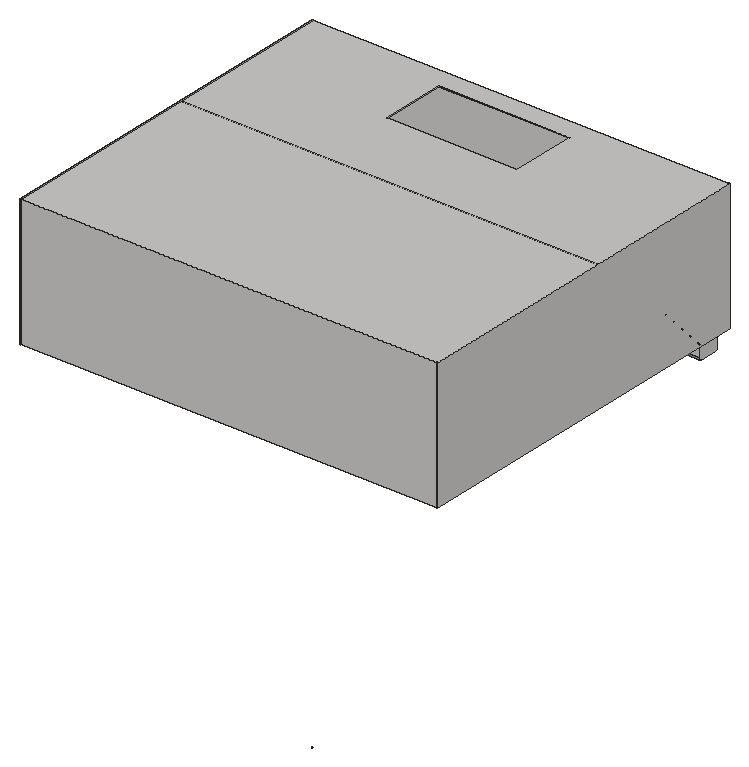
Revit family "QF_ELECTROLUXPROFESSIONAL_642024_EP1416T", category Specialty Equipment, Revit 2014
Reference planes
  plane 1: z = 0
  plane 2 "Center (Left/Right)": x = 150
  plane 3 "LEFT": x = -650
  plane 4 "RIGHT": x = 950
  plane 5 "BACK": y = 550
  plane 6 "TOP": z = 2500
  plane 7 "Base": z = 2000
  plane 8: z = 1926
  plane 9 "DrainY": y = 485
  plane 10: x = -647
  plane 11: through (0, 414.509, 2000.8) normal (0, 0.7314, 0.682)
  plane 12: y = 470
  plane 13: y = 220
  plane 14 "DrainX": x = 830
  plane 15: x = -100
  plane 16: x = 400
  plane 17: x = 947
  plane 18: x = 740
  plane 19: x = 920
  plane 20: x = -450
  plane 21: x = 750
  plane 22: x = -47.5
  plane 23: x = 347.5
  plane 24: y = -150
  plane 25: y = -850
Forms (mm)
  Extrusion 1, solid, material "QF_Finishes_Stainless Steel"
    sketch origin (-650, 0, 360) x (0, 1, 0) y (0, 0, 1)
      loop
        line (550, 1640) -> (550, 2140) -> (-850, 2140) -> (-850, 1640) -> (550, 1640)
    from 0 to 3
  Extrusion 2, solid, material "QF_Finishes_Stainless Steel"
    sketch origin (150, 0, 360) x (0, 1, 0) y (0, 0, 1)
      loop
        line (415.255, 1640) -> (550, 1640) -> (550, 2139.19) -> (549.2, 2139.19) -> (549.2, 1640.8) -> (415.876, 1640.8) -> (339.347, 1722.867) -> (349.609, 1732.436) -> (348.927, 1733.167) -> (337.934, 1722.917) -> (415.255, 1640)
      loop
        line (-82.203, 2139.19) -> (-82.203, 2118.6) -> (-31.047, 2118.6) -> (34.354, 2048.466) -> (46.028, 2059.352) -> (45.346, 2060.083) -> (34.403, 2049.879) -> (-30.612, 2119.6) -> (-81.203, 2119.6) -> (-81.203, 2139.19) -> (-82.203, 2139.19)
    from -797 to 797
  Extrusion 3, solid, material "QF_Finishes_Stainless Steel"
    sketch origin (950, 0, 360) x (0, 1, 0) y (0, 0, 1)
      loop
        line (550, 1640) -> (550, 2140) -> (-850, 2140) -> (-850, 1640) -> (550, 1640)
    from 0 to -3
  Extrusion 4, solid, material "QF_Finishes_Stainless Steel"
    sketch origin (150, 0, 360) x (0, 1, 0) y (0, 0, 1)
      loop
        line (-850, 2140) -> (-850, 1640) -> (-849.2, 1640) -> (-849.2, 2139.19) -> (550, 2139.19) -> (550, 2140) -> (-850, 2140)
    from -800 to 800
  Extrusion 5, solid, material "QF_Finishes_Stainless Steel"
    sketch origin (150, 0, 360) x (0, 1, 0) y (0, 0, 1)
      loop
        line (534, 1640) -> (436, 1640) -> (436, 1627) -> (443.5, 1627) -> (443.5, 1576)
        arc (443.5, 1576) -> (446.429, 1568.929) -> (453.5, 1566) r 10
        line (453.5, 1566) -> (516.5, 1566)
        arc (516.5, 1566) -> (523.571, 1568.929) -> (526.5, 1576) r 10
        line (526.5, 1576) -> (526.5, 1627) -> (534, 1627) -> (534, 1640)
    from 590 to 770
  Extrusion 6, solid, material "QF_Finishes_Stainless Steel"
    sketch origin (0, 0, 2000) x (0, 1, 0) y (-1, 0, 0)
      loop
        circle (485, -830) r 20
    from -76 to -74
  Extrusion 7, solid, material "QF_Finished_Chrome"
    sketch origin (150, 0, 360) x (0, 1, 0) y (0, 0, 1)
      loop
        line (337.934, 1722.917) -> (341.591, 1726.327) -> (38.011, 2051.876) -> (34.354, 2048.466) -> (337.934, 1722.917)
    from -197.5 to -600
  Extrusion 8, solid, material "QF_Finishes_Stainless Steel"
    sketch origin (150, 0, 360) x (0, 1, 0) y (0, 0, 1)
      loop
        line (337.934, 1722.917) -> (341.591, 1726.327) -> (38.011, 2051.876) -> (34.354, 2048.466) -> (337.934, 1722.917)
    from 797 to 600
  Extrusion 9, solid, material "QF_Finished_Chrome"
    sketch origin (150, 0, 360) x (0, 1, 0) y (0, 0, 1)
      loop
        line (341.588, 1726.324) -> (38.009, 2051.874) -> (34.354, 2048.466) -> (337.934, 1722.917) -> (341.588, 1726.324)
    from 197.5 to 600
  Extrusion 10, void
    sketch origin (0, 0, 2500) x (0, 1, 0) y (-1, 0, 0)
      loop
        line (470, -400) -> (470, 100) -> (220, 100) -> (220, -400) -> (470, -400)
    from 0 to -10
  Extrusion 11, solid, material "QF_Finishes_Stainless Steel"
    sketch origin (0, 0, 0) x (1, 0, 0) y (0, 1, 0)
      loop
        line (-650, 550) -> (-650, 549) -> (-649, 549) -> (-649, 550) -> (-650, 550)
    from 0 to 1
  Extrusion 12, solid, material "QF_Finishes_Stainless Steel"
    sketch origin (150, 0, 360) x (0, 1, 0) y (0, 0, 1)
      loop
        line (337.934, 1722.917) -> (341.591, 1726.327) -> (38.011, 2051.876) -> (34.354, 2048.466) -> (337.934, 1722.917)
    from -600 to -797
  Extrusion 13, solid, material "QF_Finishes_Stainless Steel"
    sketch origin (150, 0, 360) x (0, 1, 0) y (0, 0, 1)
      loop
        line (337.934, 1722.917) -> (341.591, 1726.327) -> (38.011, 2051.876) -> (34.354, 2048.466) -> (337.934, 1722.917)
    from 197.5 to -197.5
Cuts and joins
  Extrusion 10 cuts Extrusion 4
  joined: Extrusion 2, Extrusion 4
Lines and regions (mm)
  reference lines
    curve 1: line (150, 34.354, 2408.466) -> (150, 34.354, 2248.466)
  symbolic lines, style "SpecialityEquipment", detail levels coarse
    curve 2: line (950, 550, 2500) -> (-650, 550, 2500)
    curve 3: line (-650, 550, 2500) -> (-650, -850, 2500)
    curve 4: line (950, -850, 2500) -> (950, 550, 2500)
    curve 5: line (400, 220, 2500) -> (-100, 220, 2500)
    curve 6: line (400, 470, 2500) -> (400, 220, 2500)
    curve 7: line (-100, 470, 2500) -> (400, 470, 2500)
    curve 8: line (-100, 220, 2500) -> (-100, 470, 2500)
    curve 9: line (-650, -850, 0) -> (950, 550, 0)
    curve 10: line (-650, 550, 0) -> (950, -850, 0)
  symbolic lines, detail levels coarse
    curve 11: line (-650, -850, 0) -> (950, -850, 0)
Dimensions and locks
  plane 3 "LEFT" to plane 4 "RIGHT" = 1600 mm
  equal spacing: plane 3 "LEFT", plane 2 "Center (Left/Right)", plane 4 "RIGHT"
  plane 7 "Base" to plane 8 = 74 mm
  plane 5 "BACK" to plane 9 "DrainY" = 65 mm  (x2)
  plane 3 "LEFT" to plane 10 = 3 mm
  plane 5 "BACK" to plane 12 = 80 mm
  plane 12 to plane 13 = 250 mm  (x2)
  plane 14 "DrainX" to plane 4 "RIGHT" = 120 mm
  plane 17 to plane 4 "RIGHT" = 3 mm
  locked: plane 18 to plane 14 "DrainX" at 90
  locked: plane 14 "DrainX" to plane 19 at 90
  plane 12 to plane 5 "BACK" = 80 mm
  plane 3 "LEFT" to plane 20 = 200 mm
  plane 21 to plane 4 "RIGHT" = 200 mm
  locked: plane 22 to plane 23 at 395
  equal spacing: plane 22, plane 2 "Center (Left/Right)", plane 23
  locked: plane 15 to plane 16 at 500
  equal spacing: plane 15, plane 2 "Center (Left/Right)", plane 16
  locked: plane 7 "Base" to level at 2000
  locked: plane 6 "TOP" to plane 7 "Base" at 500
  plane 5 "BACK" to plane 25 = 1400 mm  (x2)
  equal spacing: plane 5 "BACK", plane 24, plane 25
  aligned and locked: level to plane 1
  aligned and locked: Extrusion 2 to Extrusion 1
  aligned and locked: Extrusion 2 to Extrusion 3
  aligned and locked: plane 4 "RIGHT" to Extrusion 4
  aligned and locked: Extrusion 4 to plane 3 "LEFT"
  aligned and locked: plane 17 to Extrusion 8
  aligned and locked: Extrusion 10 to plane 15
  aligned and locked: Extrusion 10 to plane 13
  aligned and locked: Extrusion 10 to plane 12
  aligned and locked: Extrusion 2 to Extrusion 4
  aligned and locked: plane 19 to Extrusion 5
  aligned and locked: Extrusion 5 to plane 18
  aligned and locked: Extrusion 8 to plane 21
  aligned and locked: Extrusion 9 to plane 21
  aligned and locked: Extrusion 7 to plane 20
  aligned and locked: Extrusion 12 to plane 10
  aligned and locked: plane 20 to Extrusion 12
  aligned and locked: Extrusion 3 to plane 17
  aligned and locked: Extrusion 10 to plane 16
  aligned and locked: plane 16 to curve 6
  aligned and locked: plane 23 to Extrusion 13
  aligned and locked: Extrusion 13 to plane 22
  aligned and locked: Extrusion 9 to plane 23
Automatic sketch dimensions
  Extrusion 1 sketch curve to plane 7 "Base" = 0 mm
  Extrusion 1 sketch curve to plane 5 "BACK" = 0 mm
  Extrusion 1 sketch curve to plane 6 "TOP" = 0 mm
  Extrusion 2 sketch curve to plane 11 = 0 mm  (x3)
  Extrusion 2 sketch curve to plane 7 "Base" = 0 mm
  plane 11 to Extrusion 2 sketch curve = 0 mm
  Extrusion 2 sketch curve to plane 5 "BACK" = 0 mm
  Extrusion 2 sketch curve to Extrusion 2 sketch curve = 65.646 mm
  Extrusion 2 sketch curve to Extrusion 2 sketch curve = 0.682 mm  (x2)
  Extrusion 2 sketch curve to Extrusion 2 sketch curve = 10.261 mm
  plane 7 "Base" to Extrusion 2 sketch curve = 82.917 mm
  Extrusion 2 sketch curve to Extrusion 2 sketch curve = 10.942 mm
  Extrusion 2 sketch curve to Extrusion 2 sketch curve = 0.049 mm
  Extrusion 2 sketch curve to plane 6 "TOP" = 20.4 mm
  Extrusion 2 sketch curve to plane 6 "TOP" = 21.4 mm
  Extrusion 2 sketch curve to plane 6 "TOP" = 0.81 mm  (x2)
  Extrusion 2 sketch curve to Extrusion 2 sketch curve = 50.156 mm
  Extrusion 2 sketch curve to Extrusion 2 sketch curve = 1 mm
  plane 7 "Base" to Extrusion 2 sketch curve = 0.8 mm
  Extrusion 2 sketch curve to plane 5 "BACK" = 0.8 mm
  Extrusion 3 sketch curve to plane 7 "Base" = 0 mm
  Extrusion 3 sketch curve to plane 5 "BACK" = 0 mm
  Extrusion 3 sketch curve to plane 6 "TOP" = 0 mm
  Extrusion 4 sketch curve to plane 5 "BACK" = 0 mm
  Extrusion 4 sketch curve to plane 6 "TOP" = 0 mm
  Extrusion 4 sketch curve to plane 6 "TOP" = 0.81 mm
  curve 1 to plane 11 = 0 mm
  Extrusion 5 sketch curve to plane 7 "Base" = 0 mm
  Extrusion 5 sketch curve to plane 8 = 0 mm
  Extrusion 5 sketch curve to plane 7 "Base" = 13 mm  (x2)
  plane 12 to Extrusion 5 sketch curve = 34 mm
  Extrusion 5 sketch curve to Extrusion 5 sketch curve = 7.5 mm  (x2)
  Extrusion 5 sketch curve to Extrusion 5 sketch curve = 10 mm
  plane 9 "DrainY" to Extrusion 5 sketch curve = 31.5 mm
  Extrusion 5 sketch curve to plane 5 "BACK" = 23.5 mm
  Extrusion 6 sketch curve to plane 9 "DrainY" = 0 mm
  Extrusion 6 sketch curve to plane 14 "DrainX" = 0 mm
  Extrusion 7 sketch curve to plane 11 = 0 mm  (x2)
  Extrusion 7 sketch curve to Extrusion 7 sketch curve = 3.657 mm
  plane 7 "Base" to Extrusion 7 sketch curve = 82.917 mm
  Extrusion 8 sketch curve to plane 11 = 0 mm  (x2)
  Extrusion 8 sketch curve to Extrusion 8 sketch curve = 3.657 mm
  plane 7 "Base" to Extrusion 8 sketch curve = 82.917 mm
  Extrusion 9 sketch curve to plane 11 = 0 mm  (x2)
  Extrusion 9 sketch curve to Extrusion 9 sketch curve = 3.655 mm
  plane 7 "Base" to Extrusion 9 sketch curve = 82.917 mm
  Extrusion 10 sketch curve to plane 13 = 0 mm
  plane 12 to Extrusion 10 sketch curve = 0 mm
  Extrusion 10 sketch curve to plane 16 = 0 mm
  Extrusion 10 sketch curve to plane 15 = 0 mm
  Extrusion 11 sketch curve to plane 3 "LEFT" = 0 mm
  Extrusion 11 sketch curve to plane 5 "BACK" = 0 mm
  plane 3 "LEFT" to Extrusion 11 sketch curve = 1 mm
  Extrusion 11 sketch curve to Extrusion 11 sketch curve = 1 mm
  Extrusion 12 sketch curve to plane 11 = 0 mm  (x2)
  Extrusion 12 sketch curve to Extrusion 12 sketch curve = 3.657 mm
  plane 7 "Base" to Extrusion 12 sketch curve = 82.917 mm
  Extrusion 13 sketch curve to plane 11 = 0 mm  (x2)
  Extrusion 13 sketch curve to Extrusion 13 sketch curve = 3.657 mm
  plane 7 "Base" to Extrusion 13 sketch curve = 82.917 mm
  Extrusion 4 sketch curve to Extrusion 4 sketch curve = 499.19 mm
  curve 1 to curve 1 = 160 mm
  Extrusion 4 sketch curve to Extrusion 4 sketch curve = 0.8 mm
  Extrusion 1 sketch curve to plane 13 = 1070 mm
  Extrusion 2 sketch curve to plane 6 "TOP" = 91.534 mm
  Extrusion 3 sketch curve to plane 13 = 1070 mm
  Extrusion 4 sketch curve to plane 13 = 1069.2 mm
  curve 1 to plane 13 = 185.646 mm
  Extrusion 7 sketch curve to plane 6 "TOP" = 88.124 mm
  Extrusion 8 sketch curve to plane 6 "TOP" = 88.124 mm
  Extrusion 9 sketch curve to plane 6 "TOP" = 88.126 mm
  Extrusion 12 sketch curve to plane 6 "TOP" = 88.124 mm
  Extrusion 13 sketch curve to plane 6 "TOP" = 88.124 mm
  curve 3 to plane 3 "LEFT" = 0 mm
  curve 3 to plane 25 = 0 mm
  curve 4 to plane 4 "RIGHT" = 0 mm
  curve 4 to plane 25 = 0 mm
  curve 5 to plane 13 = 0 mm
  plane 12 to curve 7 = 0 mm
  curve 3 to plane 5 "BACK" = 0 mm
  curve 5 to plane 15 = 0 mm
  curve 10 to plane 3 "LEFT" = 0 mm
  curve 9 to plane 3 "LEFT" = 0 mm
  curve 10 to plane 4 "RIGHT" = 0 mm
  curve 9 to plane 4 "RIGHT" = 0 mm
  curve 10 to plane 25 = 0 mm
  curve 10 to plane 5 "BACK" = 0 mm
  curve 9 to plane 5 "BACK" = 0 mm
  radius of Extrusion 6 sketch curve = 20 mm
Connectors
  piping at (830, 485, 1924), diameter 20
    settings: on Extrusion 6, index 1, connector inside diameter 609.6 mm, connector length 0 mm, flow factor 0, pipe flow 0.0 L/s, pressure drop 0.0 Pa, fitting loss kfactor 0, connector angle 0.00°, fixture units 0, engagement length 0 mm, angle of deflection 0.00°, flow configuration 1, flow direction 2, fitting loss method 0, system type 16, joint type 0, gender type 0, connector reference index -1, connector utility 0, adjustable connector no, is connector primary yes, connector description "Drain"
  hvac at (150, 345, 2500)
    settings: on Extrusion 10, index 2, duct flow 0.0 L/s, flow factor 0, pres drop 0.0 Pa, loss coef 0, conn angle 0.00°, conn width 250 mm, conn height 500 mm, conn diameter 609.6 mm, duct sys type 3, conn prof type 1, flow config 1, flow direction 0, loss method 0, conn ref index -1, conn util no, is conn primary yes, conn desc "EXHAUST OUTLET"
